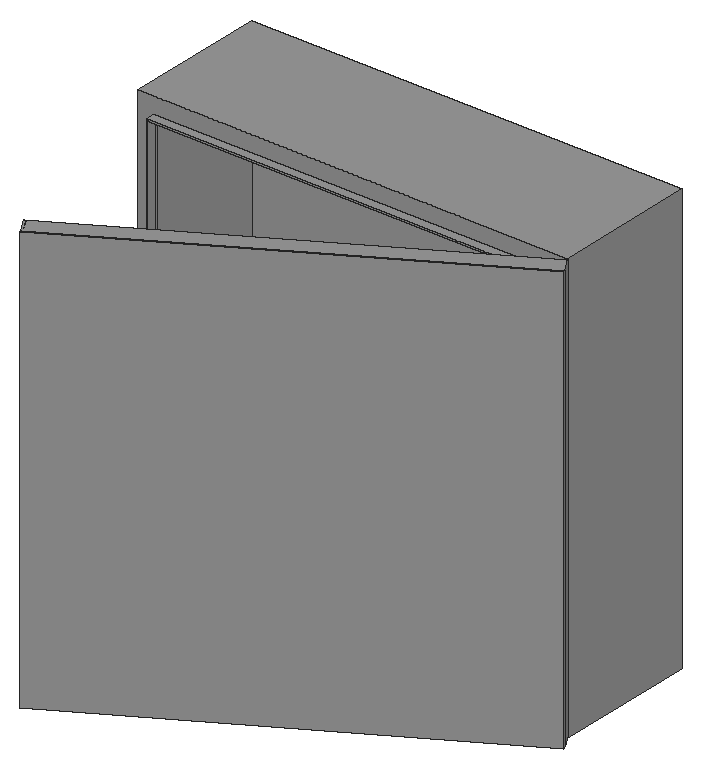
Revit family "Hager-Orion_Inox-IP66-D150-Cl.I-Inox_encl-630A-400mm-NoHosted-CH-en", category Electrical Equipment, Revit 2020
Family settings
  Panel Configuration = Two Columns, Circuits Across
  Round Connector Dimension = Use Diameter
  Part Type = Panelboard
  Work Plane-Based = Yes
  Always vertical = Yes
  Cut with Voids When Loaded = No
  Shared = No
  Room Calculation Point = No
Parameters (values of type "Surface mounted (plaster) IP66 W400 H400 D150  - FL014BWL")
  Width Control [instance] = if([EF000008 - Width] > Min Width, [EF000008 - Width], Min Width)  # 400 mm
  Type Comments = [HG000003 - Range]  # "Orion Inox"
  Thickness Door [instance] = if([EF009171 - Material plate thickness door/cover] > 3 mm, 3 mm, [EF009171 - Material plate thickness door/cover])  # 1.5 mm
  Seal Frame Offset [instance] = 17 mm  # constant formula
  Min Width [instance] = 100 mm  # constant formula
  Min Depth [instance] = (2 * [EF009170 - Material plate thickness cabinet]) + 1 mm  # 4 mm
  Min Height [instance] = 100 mm  # constant formula
  Internal Frame Depth [instance] = -(Door System Depth * 0.5)  # -9 mm
  Panel Name [instance] = ""  # (empty or 0)
  Model = ""
  HG000027 - Plinth height = 0 mm
  HG000026 - Floor standing = no
  HG000024 - Bottom section height = 600 mm
  HG000023 - Double section enclosure = no
  HG000016 - Door 3d visibility [instance] = yes
  HG000015 - Clearance visibility [instance] = no
  HG000014 - Door on the right [instance] = yes
  HG000013 - Door on the left [instance] = not([HG000014 - Door on the right])  # no
  HG000012 - Door swing angle [instance] = 30.00°
  HG000010 - Asymmetric doors = no
  HG000009 - Double swing door = no
  HG000006 - Flush mounted = no
  HG000004 - Manufacturer reference = "FL014BWL"
  HG000003 - Range = "Orion Inox"
  HG000002 - With door or cover = yes
  Frame Offset Bottom [instance] = 10 mm  # constant formula
  Frame Offset [instance] = 15 mm  # constant formula
  EF015940 - Cover with overpressure release = no
  EF011959 - Degree of protection (NEMA) = ""
  EF009554 - Number of openings for flange plates = 0
  EF009212 - Cover model = "EV009916 - With notch"
  EF009171 - Material plate thickness door/cover = 1.5 mm
  EF009170 - Material plate thickness cabinet = 1.5 mm
  EF008873 - Nominal current (In) = 630 A
  EF007800 - Suitable for lightning protection = no
  EF006306 - With lock = no
  EF006244 - Transparent cover/door = no
  EF005474 - Degree of protection (IP) = "EV006422 - IP66"
  EF004464 - Type of door = "EV002646 - Single"
  EF004427 - Number of modules = 0
  EF004293 - Impact strength = "EV008784 - IK10"
  EF003532 - Suitable for outdoor use = yes
  EF002950 - Width in number of modular spacings = 0
  EF001613 - Circuit integrity = ""
  EF001596 - Material housing = "EV000166 - Stainless steel"
  EF001131 - Internal depth = 116 mm
  EF001088 - Extension possible = yes
  EF000437 - Number of conduit inlets = 0
  EF000339 - Type of cover = "EV004216 - Door"
  EF000266 - Number of rows = 0
  EF000218 - Built-in depth = 0 mm
  EF000118 - With mounting plate = no
  EF000116 - RAL-number = ""
  EF000049 - Depth = 150 mm
  EF000040 - Height = 400 mm
  EF000008 - Width = 400 mm
  EF000007 - Colour = "EV000154 - Other"
  EF000003 - Mounting method = "EV000384 - Surface mounted (plaster)"
  Door System Leaf Tolerance [instance] = 1.5 mm  # constant formula
  Door System Depth [instance] = 18 mm  # constant formula
  Description = ""
  Default Elevation = 1219.2 mm
  Connector Offset [instance] = Height Control / 2  # 200 mm
  Manufacturer = "Hager"  # constant formula
  Height Control [instance] = if([EF000040 - Height] > Min Height, [EF000040 - Height], Min Height)  # 400 mm
  Depth Control [instance] = if([EF000049 - Depth] > Min Depth, [EF000049 - Depth], Min Depth)  # 150 mm
Types (4, lengths in mm): name | Width Control | HG000004 - Manufacturer reference | EF009212 - Cover model | EF006306 - With lock | EF006244 - Transparent cover/door | EF004293 - Impact strength | EF001613 - Circuit integrity | EF000008 - Width
  Surface mounted (plaster) IP66 W300 H400 D150  - FL014TW | 300 | "FL014TW" | "EV000116 - Closed" | yes | yes | "EV006814 - IK08" | "EV000494 - None" | 300
  Surface mounted (plaster) IP66 W300 H400 D150  - FL014TWL | 300 | "FL014TWL" | "EV000116 - Closed" | yes | yes | "EV006814 - IK08" | "EV000494 - None" | 300
  Surface mounted (plaster) IP66 W400 H400 D150  - FL014BW | 400 | "FL014BW" | "EV009916 - With notch" | no | no | "EV008784 - IK10" | "" | 400
  Surface mounted (plaster) IP66 W400 H400 D150  - FL014BWL | 400 | "FL014BWL" | "EV009916 - With notch" | no | no | "EV008784 - IK10" | "" | 400
Reference planes
  plane 1 "Center (Front/Back)": y = 0
  plane 2: z = 0
  plane 3 "Center (Left/Right)": x = 0
  plane 4: y = 0
  plane 5: y = 0
  plane 6: z = 0
  plane 7: x = -200
  plane 8: x = 200
  plane 9: x = 198.5
  plane 10: x = -198.5
  plane 11: z = 0
  plane 12: z = 1.5
  plane 13: y = -150
  plane 14: y = -1.5
  plane 15: x = 0
  plane 16: y = -132
  plane 17: y = -148.5
  plane 18: y = -130.5
  plane 19: x = -183.5
  plane 20: x = 183.5
  plane 21: z = 11.5
  plane 22: x = -183
  plane 23: x = 183
  plane 24: z = 0
  plane 25: z = 400
  plane 26: z = 400
  plane 27: z = 383.5
  plane 28: z = 398.5
Forms (mm)
  Extrusion 1, solid, material "Hager_Stainless_Steel", detail levels medium+fine
    sketch origin (-208.679, -4572, 0) x (-1, 0, 0) y (0, -1, 0)
      loop
        line (-8.679, -4440) -> (-408.679, -4440) -> (-408.679, -4572) -> (-8.679, -4572) -> (-8.679, -4440)
    from 0 to 400
  Extrusion 2, void
    sketch origin (-350.771, -150, 1219.2) x (1, 0, 0) y (0, 0, 1)
      loop
        line (152.271, -820.7) -> (152.271, -1217.7) -> (549.271, -1217.7) -> (549.271, -820.7) -> (152.271, -820.7)
    from -19.5 to -148.5
  Extrusion 3, void
    sketch origin (-290.084, -132, 1219.2) x (1, 0, 0) y (0, 0, 1)
      loop
        line (106.584, -1207.7) -> (473.584, -1207.7) -> (473.584, -835.7) -> (106.584, -835.7) -> (106.584, -1207.7)
    from 0 to -1.5
  Extrusion 4, solid, material "Hager_Stainless_Steel", detail levels fine
    sketch origin (-290.084, -132, 1219.2) x (-1, 0, 0) y (0, 0, 1)
      loop
        line (-473.584, -1207.7) -> (-106.584, -1207.7) -> (-106.584, -835.7) -> (-473.584, -835.7) -> (-473.584, -1207.7)
      loop
        line (-475.084, -1209.2) -> (-105.084, -1209.2) -> (-105.084, -834.2) -> (-475.084, -834.2) -> (-475.084, -1209.2)
    from 0 to -9 <- "Internal Frame Depth"
  Extrusion 5, solid, material "Hager_Stainless_Steel", detail levels coarse
    sketch origin (0, 0, 0) x (1, 0, 0) y (0, 1, 0)
      loop
        line (-200, 0) -> (-200, -150) -> (200, -150) -> (200, 0) -> (-200, 0)
    from 0 to 400 <- "Height Control"
Cuts and joins
  Extrusion 2, Extrusion 3 cuts Extrusion 1
Lines and regions (mm)
  Masking region 1
    outline origin (0, 0, 0) x (1, 0, 0) y (0, 1, 0)
      loop
        line (-200, 0) -> (-200, -150) -> (200, -150) -> (200, 0) -> (-200, 0)
  Masking region 2
    outline origin (-290.084, -132, 1219.2) x (-1, 0, 0) y (0, 0, 1)
      loop
        line (-490.084, -1219.2) -> (-90.084, -1219.2) -> (-90.084, -819.2) -> (-490.084, -819.2) -> (-490.084, -1219.2)
  Masking region 3, detail levels coarse
    outline origin (0, 0, 0) x (0, 1, 0) y (0, 0, 1)
      loop
        line (0, 0) -> (0, 400) -> (-150, 400) -> (-150, 0) -> (0, 0)
  Masking region 4, detail levels medium+fine
    outline origin (0, 0, 594.038) x (0, 1, 0) y (0, 0, 1)
      loop
        line (0, -594.038) -> (0, -194.038) -> (-132, -194.038) -> (-132, -594.038) -> (0, -594.038)
Dimensions and locks
  locked: plane 1 "Center (Front/Back)" to plane 5
  "EF009170 - Material plate thickness cabinet": plane 7 to plane 10
  "EF009170 - Material plate thickness cabinet": plane 8 to plane 9
  equal spacing: plane 7, plane 3 "Center (Left/Right)", plane 8
  "Width Control": plane 7 to plane 8
  "Depth Control": plane 4 to plane 13
  "EF009170 - Material plate thickness cabinet": plane 4 to plane 14
  "Height Control": plane 25 to level
  "EF009170 - Material plate thickness cabinet": plane 12 to plane 11
  "EF009170 - Material plate thickness cabinet": plane 17 to plane 13
  "EF009170 - Material plate thickness cabinet": plane 18 to plane 16
  "Frame Offset Bottom": plane 21 to plane 12
  "Frame Offset": plane 10 to plane 19
  "Frame Offset": plane 9 to plane 20
  "Door System Depth": plane 16 to plane 13
  "Seal Frame Offset": plane 7 to plane 22
  "Seal Frame Offset": plane 8 to plane 23
  "EF009170 - Material plate thickness cabinet": plane 26 to plane 28
  "Frame Offset": plane 28 to plane 27
  "Connector Offset": plane 2 to connector elem
  "Thickness Door": cut or joined group of Extrusion 1, Extrusion 2, Extrusion 3 to Extrusion 4 sketch curve
  "Thickness Door": Extrusion 4 sketch curve to plane 19
  "Thickness Door": Extrusion 4 sketch curve to plane 20
  "Thickness Door": Extrusion 4 sketch curve to plane 27
  aligned and locked: plane 12 to Extrusion 2 sketch curve
  aligned and locked: Extrusion 2 sketch curve to plane 9
  aligned and locked: Extrusion 2 sketch curve to plane 10
  aligned and locked: plane 14 to Extrusion 2
  aligned and locked: plane 4 to Extrusion 1 sketch curve
  aligned and locked: plane 8 to Extrusion 1 sketch curve
  aligned and locked: plane 7 to Extrusion 1 sketch curve
  aligned and locked: Extrusion 2 to plane 18
  aligned and locked: plane 19 to Extrusion 3 sketch curve
  aligned and locked: plane 20 to Extrusion 3 sketch curve
  aligned and locked: Extrusion 3 to Extrusion 2
  aligned and locked: Extrusion 3 sketch curve to plane 21
  aligned and locked: plane 3 "Center (Left/Right)" to nested 1
  aligned and locked: Extrusion 1 sketch curve to plane 16
  aligned and locked: Masking region 1 sketch curve to plane 7
  aligned and locked: Masking region 1 sketch curve to plane 5
  aligned and locked: Masking region 1 sketch curve to plane 8
  aligned and locked: Masking region 2 sketch curve to level
  aligned and locked: level to Masking region 3 sketch curve
  aligned and locked: plane 1 "Center (Front/Back)" to Masking region 3 sketch curve
  aligned and locked: plane 13 to Masking region 3 sketch curve
  aligned and locked: Masking region 2 sketch curve to plane 8
  aligned and locked: Masking region 2 sketch curve to plane 7
  aligned and locked: plane 7 to nested 2
  aligned and locked: nested 2 to plane 5
  aligned and locked: plane 5 to Masking region 4 sketch curve
  aligned and locked: plane 26 to Masking region 4 sketch curve
  aligned and locked: Extrusion 5 sketch curve to plane 8
  aligned and locked: Extrusion 5 sketch curve to plane 7
  aligned and locked: Extrusion 5 sketch curve to plane 5
  aligned and locked: plane 27 to Extrusion 3 sketch curve
  aligned and locked: Extrusion 2 sketch curve to plane 28
  aligned and locked: plane 27 to Extrusion 4 sketch curve
  aligned and locked: Extrusion 4 sketch curve to plane 20
  aligned and locked: plane 21 to Extrusion 4 sketch curve
  aligned and locked: Extrusion 4 sketch curve to plane 19
  aligned and locked: Masking region 2 to plane 25
  aligned and locked: Masking region 4 sketch curve to plane 24
  aligned and locked: Masking region 1 to plane 13
  aligned and locked: nested 1 to plane 16
  aligned and locked: Masking region 3 to plane 25
  aligned and locked: Masking region 4 sketch curve to plane 16
  aligned and locked: plane 24 to plane 11
  aligned and locked: plane 26 to plane 25
  aligned and locked: level to plane 24
  aligned and locked: Extrusion 1 to Masking region 3
  aligned and locked: level to nested 1
Automatic sketch dimensions
  Extrusion 5 sketch curve to plane 13 = 0 mm
  plane 27 to Masking region 2 sketch curve = 16.5 mm
  plane 27 to Masking region 3 sketch curve = 16.5 mm
  Masking region 1 sketch curve to plane 13 = 0 mm
  Extrusion 3 sketch curve to plane 21 = 0 mm
  plane 19 to Extrusion 3 sketch curve = 0 mm
  Extrusion 3 sketch curve to plane 20 = 0 mm
Nested families
  nested 1: "EC000058_OrionInox_Door" at (0, -132, 0), Double <- "HG000009 - Double swing door", Transparent <- "EF006244 - Transparent cover/door", Angle <- "HG000012 - Door swing angle", Door_Right <- "HG000014 - Door on the right", Assymetrical <- "HG000010 - Asymmetric doors", Door <- "HG000002 - With door or cover", Width_Ctrl <- "Width Control", 3d_Door <- "HG000016 - Door 3d visibility", Clearance <- "HG000015 - Clearance visibility", Door_Left <- "HG000013 - Door on the left", Width <- "Width Control", Door_Depth <- "Door System Depth", Leaf_Tolerance <- "Door System Leaf Tolerance", Height <- "Height Control", Thickness <- "Thickness Door", type "EC000058_OrionInox_Door", detail levels medium+fine
    with min_wh 4 mm, Width_Ctrl 400 mm, Width 400 mm, Transparent no, Thickness 1.5 mm, Seal_Material Hager_Rubber, Leaf_Width 400 mm, Leaf_Tolerance_External_Sides 0 mm, Leaf_Tolerance 1.5 mm, Leaf_Offset 0 mm, Leaf_Height 397 mm, Leaf_2_Width 400 mm, Leaf_2_Offset 200 mm, Leaf_1_Width 400 mm, Leaf_1_Offset 200 mm, Height_Ctrl 400 mm, Height 400 mm, Glass_Material Hager_Glass, Double_Clearance_Ctrl no, Double no, Door_Right_Ctrl yes, Door_Right yes, Door_Material Hager_Stainless_Steel, Door_Left_Ctrl no, Door_Left no, Door_Depth 18 mm, Door yes, Clearance_Material Hager_Clearance, Clearance_Depth 400 mm, Clearance_Ctrl no, Clearance no, Assymetrical no, Angle 30.00°, 3d_Door yes
  nested 2: "Hager_Enclosure_Symbol" at (-200, 0, 0), Height <- "Depth Control", Width <- "Width Control", type "Hager_Enclosure_Symbol"
    with Width_Ctrl 400 mm, Width 400 mm, Height_Ctrl 150 mm, Height 150 mm, A_Width_Int 9.844 mm, A_Width 118.125 mm, A_Height_Ctrl 131.25 mm, A_Height 131.25 mm
Connectors
  electrical at (0, 0, 200)
    settings: on plane 1 "Center (Front/Back)", index 1, voltage 0 V, apparent load 0 VA, apparent load phase1 0 VA, apparent load phase2 0 VA, apparent load phase3 0 VA, power factor 1, load classification "Other", number of poles 1, system type 30, power factor state 1, is connector primary yes, connector utility no, sub classification motor no, connector description ""
Definition of nested family "EC000058_OrionInox_Door"
  Parameters (values of type "EC000058_OrionInox_Door")
    min_wh [instance] = (2 * Thickness) + 1 mm  # 11 mm
    Width_Ctrl [instance] = 400 mm
    Width [instance] = 500 mm
    Transparent [instance] = yes
    Thickness [instance] = 5 mm
    Seal_Material [instance] = none
    Leaf_Width [instance] = if((Width_Ctrl - 2 * Leaf_Tolerance_External_Sides) > 0 mm, (Width_Ctrl - 2 * Leaf_Tolerance_External_Sides), min_wh)  # 400 mm
    Leaf_Tolerance_External_Sides [instance] = 0 mm  # constant formula
    Leaf_Tolerance [instance] = 1.5 mm
    Leaf_Offset [instance] = 0 mm  # constant formula
    Leaf_Height [instance] = if((Height_Ctrl - 2 * Leaf_Tolerance) > 0 mm, (Height_Ctrl - 2 * Leaf_Tolerance), min_wh)  # 497 mm
    Leaf_2_Width [instance] = if(and(and(Double, Assymetrical), Door_Left), (Leaf_Width / 3) - (Leaf_Tolerance / 2), if(and(and(Double, Assymetrical), Door_Right), (Leaf_Width / 3) * 2 - (Leaf_Tolerance / 2), if(and(Double, not(Assymetrical)), (Leaf_Width / 2) - Leaf_Tolerance, Leaf_Width)))  # 400 mm
    Leaf_2_Offset [instance] = if(and(Double, Assymetrical), Leaf_2_Width / 2, if(and(Double, not(Assymetrical)), Leaf_Width / 4, Leaf_Width / 2))  # 200 mm
    Leaf_1_Width [instance] = if(and(and(Double, Assymetrical), Door_Right), (Leaf_Width / 3) - (Leaf_Tolerance / 2), if(and(and(Double, Assymetrical), Door_Left), (Width / 3) * 2 - (Leaf_Tolerance / 2), if(and(Double, not(Assymetrical)), (Leaf_Width / 2) - Leaf_Tolerance, Leaf_Width)))  # 400 mm
    Leaf_1_Offset [instance] = if(and(Double, Assymetrical), Leaf_1_Width / 2, if(and(Double, not(Assymetrical)), Leaf_Width / 4, Leaf_Width / 2))  # 200 mm
    Height_Ctrl [instance] = if(Height > min_wh, Height, min_wh)  # 500 mm
    Height [instance] = 500 mm
    Glass_Material [instance] = none
    Double_Clearance_Ctrl [instance] = and(Double, Clearance)  # no
    Double [instance] = no
    Door_Right_Ctrl [instance] = and(or(Door_Right, Double), Door)  # yes
    Door_Right [instance] = yes
    Door_Material [instance] = none
    Door_Left_Ctrl [instance] = and(or(Door_Left, Double), Door)  # no
    Door_Left [instance] = no
    Door_Depth [instance] = 30 mm
    Door [instance] = yes
    Default Elevation = 1219.2 mm
    Clearance_Material [instance] = none
    Clearance_Depth [instance] = if(Leaf_1_Width > Leaf_2_Width, Leaf_1_Width, Leaf_2_Width)  # 400 mm
    Clearance_Ctrl [instance] = and(not(Double), Clearance)  # yes
    Clearance [instance] = yes
    Assymetrical [instance] = yes
    Angle [instance] = 30.00°
    3d_Door [instance] = yes
  Reference planes
    plane 1 "Center (Front/Back)": y = 0
    plane 2 "Bottom": z = 0
    plane 3 "Center (Left/Right)": x = 0
    plane 4: z = 500
    plane 5: x = -200
    plane 6: x = 200
    plane 7: z = 500
    plane 8: x = -200
    plane 9: z = 0
    plane 10: x = 200
    plane 11: y = 0
    plane 12: z = 1.5
    plane 13: x = -600
    plane 14: y = -400
    plane 15: x = 600
    plane 16: x = 0
    plane 17: x = 0
    plane 18: x = -200
    plane 19: x = 200
    plane 20: z = 498.5
  Forms (mm)
    Extrusion 1, solid, material <- "Clearance_Material", visible <- "Double_Clearance_Ctrl"
      sketch origin (1200, 0, 0) x (1, 0, 0) y (0, 0, -1)
        loop
          line (-1800, -498.5) -> (-600, -498.5) -> (-600, 0) -> (-1800, 0) -> (-1800, -498.5)
      from 0 to -400
  Dimensions and locks
    equal spacing: plane 5, plane 3 "Center (Left/Right)", plane 6
    "Width_Ctrl": plane 5 to plane 6
    "Leaf_Offset": plane 5 to plane 8
    "Leaf_Offset": plane 6 to plane 10
    "Leaf_Offset": plane 9 to level
    "Leaf_Offset": plane 4 to plane 7
    "Height_Ctrl": plane 4 to level
    "Leaf_Tolerance": plane 12 to plane 9
    locked: plane 11 to plane 1 "Center (Front/Back)"
    "Leaf_1_Offset": plane 18 to plane 16
    "Leaf_2_Offset": plane 17 to plane 19
    "Leaf_1_Width": plane 13 to plane 8
    "Leaf_2_Width": plane 10 to plane 15
    "Clearance_Depth": plane 14 to plane 1 "Center (Front/Back)"
    "Leaf_Tolerance_External_Sides": plane 8 to plane 18
    "Leaf_Tolerance_External_Sides": plane 19 to plane 10
    "Leaf_Tolerance": plane 7 to plane 20
    aligned and locked: level to plane 2 "Bottom"
    aligned and locked: nested 1 to plane 16
    aligned and locked: nested 2 to plane 17
    aligned and locked: Extrusion 1 to plane 13
    aligned and locked: plane 15 to Extrusion 1
    aligned and locked: Extrusion 1 to plane 14
    aligned and locked: plane 12 to nested 1
    aligned and locked: nested 2 to plane 12
    aligned and locked: Extrusion 1 to plane 11
    aligned and locked: plane 20 to Extrusion 1
    aligned and locked: nested 2 to plane 11
    aligned and locked: nested 1 to plane 11
  Automatic sketch dimensions
    Extrusion 1 sketch curve to level = 0 mm
    plane 5 to Extrusion 1 sketch curve = 400 mm
    plane 6 to Extrusion 1 sketch curve = 400 mm
    Extrusion 1 sketch curve to plane 4 = 1.5 mm
  Nested families
    nested 1: "EC000058_OrionInox_Door_Leaf" at (0, 0, 1.5), Width <- "Leaf_1_Width", visible <- "Door_Left_Ctrl", Leaf_Height <- "Leaf_Height", Angle <- "Angle", 3d_Door <- "3d_Door", Transparent <- "Transparent", Clearance Material <- "Clearance_Material", Clearance <- "Clearance_Ctrl", Door_Material <- "Door_Material", Glass_Material <- "Glass_Material", Door_Depth <- "Door_Depth", Seal_Material <- "Seal_Material", Thickness <- "Thickness", type "EC000058_OrionInox_Door_Leaf"
      with Width 400 mm, Transparent_Ctrl yes, Transparent yes, Thickness 5 mm, Standard no, Seal_Material none, Seal_D2 8 mm, Seal_D1 1 mm, Offset_Internal_Frame 10 mm, Lock_Width 28 mm, Lock_Thickness 2 mm, Lock_Radius 6 mm, Leaf_Height 497 mm, Internal_Seal_Thickness 8 mm, Internal_Seal_Depth_2 4.5 mm, Internal_Frame_Depth 25 mm, Glass_Thickness -1 mm, Glass_Offset -2 mm, Glass_Material none, Door_Material none, Door_Depth 30 mm, Clearance Material none, Clearance yes, Angle_Ctrl 30.00°, Angle 30.00°, 3d_Door yes
    nested 2: "EC000058_OrionInox_Door_Leaf" at (0, 0, 1.5) x (-1, 0, 0) z (0, 0, 1), Width <- "Leaf_2_Width", visible <- "Door_Right_Ctrl", Leaf_Height <- "Leaf_Height", Angle <- "Angle", 3d_Door <- "3d_Door", Transparent <- "Transparent", Clearance Material <- "Clearance_Material", Clearance <- "Clearance_Ctrl", Door_Material <- "Door_Material", Glass_Material <- "Glass_Material", Door_Depth <- "Door_Depth", Seal_Material <- "Seal_Material", Thickness <- "Thickness", type "EC000058_OrionInox_Door_Leaf"
      with Width 400 mm, Transparent_Ctrl yes, Transparent yes, Thickness 5 mm, Standard no, Seal_Material none, Seal_D2 8 mm, Seal_D1 1 mm, Offset_Internal_Frame 10 mm, Lock_Width 28 mm, Lock_Thickness 2 mm, Lock_Radius 6 mm, Leaf_Height 497 mm, Internal_Seal_Thickness 8 mm, Internal_Seal_Depth_2 4.5 mm, Internal_Frame_Depth 25 mm, Glass_Thickness -1 mm, Glass_Offset -2 mm, Glass_Material none, Door_Material none, Door_Depth 30 mm, Clearance Material none, Clearance yes, Angle_Ctrl 30.00°, Angle 30.00°, 3d_Door yes
  Definition of nested family "EC000058_OrionInox_Door_Leaf"
    Parameters (values of type "EC000058_OrionInox_Door_Leaf")
      Width [instance] = 450 mm
      Transparent_Ctrl [instance] = and(Transparent, [3d_Door])  # yes
      Transparent [instance] = yes
      Thickness [instance] = 5 mm
      Standard [instance] = and(not(Transparent), [3d_Door])  # no
      Seal_Material [instance] = none
      Seal_D2 [instance] = 8 mm  # constant formula
      Seal_D1 [instance] = 1 mm  # constant formula
      Offset_Internal_Frame [instance] = 10 mm  # constant formula
      Lock_Width [instance] = Door_Depth - Lock_Thickness  # 28 mm
      Lock_Thickness [instance] = 2 mm  # constant formula
      Lock_Radius [instance] = 6 mm  # constant formula
      Leaf_Height [instance] = 450 mm
      Internal_Seal_Thickness [instance] = 8 mm  # constant formula
      Internal_Seal_Depth_2 [instance] = 4.5 mm  # constant formula
      Internal_Frame_Depth [instance] = if(Door_Depth - Thickness > 5 mm, Door_Depth - Thickness, 5 mm)  # 25 mm
      Glass_Thickness [instance] = if(Thickness > 15 mm, Glass_Offset + 10 mm, -1 mm)  # -1 mm
      Glass_Offset [instance] = if(Thickness > 15 mm, -(Thickness + 10 mm) / 2, -2 mm)  # -2 mm
      Glass_Material [instance] = none
      Door_Material [instance] = none
      Door_Depth [instance] = 30 mm
      Default Elevation = 0 mm
      Clearance Material [instance] = none
      Clearance [instance] = yes
      Angle_Ctrl [instance] = if(Angle > 180.00°, 180.00°, Angle)  # 90.00°
      Angle [instance] = 90.00°
      3d_Door [instance] = yes
    Reference planes
      plane 1 "Center (Front/Back)": y = 0
      plane 2: z = 0
      plane 3 "Center (Left/Right)": x = 0
      plane 4: y = 450
      plane 5: x = -225
      plane 6: x = 225
      plane 7: x = -675
      plane 8: z = 450
      plane 9: z = 30
      plane 10: z = 420
      plane 11: x = 195
      plane 12: x = -195
      plane 13: y = -3
      plane 14: z = 107.833
      plane 15: y = -5
      plane 16: y = -223.314
      plane 17: x = -225
      plane 18: y = 30
    Forms (mm)
      Extrusion 1, solid, material <- "Clearance Material", visible <- "Clearance"
        sketch origin (0, 0, 0) x (1, 0, 0) y (0, 0, 1)
          loop
            line (-675, 450) -> (-675, 0) -> (225, 0) -> (225, 450) -> (-675, 450)
        from 0 to -450
      Extrusion 2, solid, material <- "Door_Material", visible <- "Standard", detail levels medium+fine
        sketch origin (-225, 0, 0) x (0, 1, 0) y (-1, 0, 0)
          loop
            line (0, 30) -> (0, 25) -> (450, 25) -> (450, 30) -> (0, 30)
        from 0 to 450 <- "Leaf_Height"
      Extrusion 3, solid, material <- "Door_Material", visible <- "Transparent_Ctrl", detail levels medium+fine
        sketch origin (-225, 0, 0) x (0, 1, 0) y (-1, 0, 0)
          loop
            line (0, 25) -> (450, 25) -> (450, 30) -> (0, 30) -> (0, 25)
        from 0 to 450 <- "Leaf_Height"
      Extrusion 4, void
        sketch origin (-250, 450, 0) x (0, 1, 0) y (0, 0, -1)
          loop
            line (-30, -420) -> (-30, -30) -> (-420, -30) -> (-420, -420) -> (-30, -420)
        from 0 to 5 <- "Thickness"
      Sweep 5, solid, material <- "Seal_Material", visible <- "Transparent_Ctrl", detail levels fine
        path in 3D
          loop
            line (-250, 30, 30) -> (-250, 30, 420) -> (-250, 420, 420) -> (-250, 420, 30) -> (-250, 30, 30)
        profile origin (-250, 225, 30) x (1, 0, 0) y (0, 0, 1)
          loop
            line (0, 0) -> (0, -8) -> (1, -8) -> (1, 0) -> (0, 0)
      Extrusion 6, solid, material <- "Glass_Material", visible <- "Transparent_Ctrl", detail levels medium+fine
        sketch origin (-255, 0, 0) x (0, 1, 0) y (0, 0, -1)
          loop
            line (420, -420) -> (420, -30) -> (30, -30) -> (30, -420) -> (420, -420)
        from -2 <- "Glass_Offset" to -1 <- "Glass_Thickness"
      Extrusion 7, solid, material <- "Door_Material", visible <- "3d_Door", detail levels medium+fine
        sketch origin (-250, 450, 0) x (0, -1, 0) y (0, 0, -1)
          loop
            line (0, -450) -> (450, -450) -> (450, 0) -> (0, 0) -> (0, -450)
          loop
            line (445, -5) -> (5, -5) -> (5, -445) -> (445, -445) -> (445, -5)
        from 0 to 25 <- "Internal_Frame_Depth"
      Sweep 8, solid, material <- "Seal_Material", visible <- "Transparent_Ctrl", detail levels fine
        path in 3D
          loop
            line (-250, 0, 0) -> (-250, 450, 0) -> (-250, 450, 450) -> (-250, 0, 450) -> (-250, 0, 0)
        profile origin (-250, 0, 225) x (1, 0, 0) y (0, 1, 0)
          loop
            line (0, 10) -> (2.975, 10)
            arc (2.975, 10) -> (4.053, 10.447) -> (4.5, 11.525) r 1.525
            line (4.5, 11.525) -> (4.5, 16.527)
            arc (4.5, 16.527) -> (4.069, 17.569) -> (3.027, 18) r 1.473
            line (3.027, 18) -> (0, 18) -> (0, 10)
    Cuts and joins
      Extrusion 4 cuts Extrusion 3
    Lines and regions (mm)
      Masking region 1, detail levels medium+fine
        outline origin (0, 0, 0) x (0, 1, 0) y (0, 0, 1)
          loop
            line (0, 0) -> (30, 0) -> (30, 450) -> (0, 450) -> (0, 0)
      Masking region 2, detail levels medium+fine
        outline origin (0, 0, 0) x (1, 0, 0) y (0, 0, 1)
          loop
            line (-225, 450) -> (-225, 0) -> (225, 0) -> (225, 450) -> (-225, 450)
      symbolic lines
        curve 1: line (225, 0, 0) -> (-675, 0, 0)
        curve 2: arc (225, 0, 0) -> (-225, 450, 0) -> (-675, 0, 0) r 450
        curve 4: line (-255, 0, 0) -> (-255, 450, 0)
      reference lines
        curve 3: line (-225, 0, 0) -> (-225, 450, 0)
      symbolic lines, detail levels medium+fine
        curve 5: line (-255, 450, 0) -> (-250, 450, 0)
        curve 7: line (-250, 0, 0) -> (-255, 0, 0)
        curve 8: line (-250, 0, 0) -> (-225, 0, 0)
        curve 9: line (-225, 0, 0) -> (-225, 450, 0)
        curve 10: line (-225, 450, 0) -> (-250, 450, 0)
      symbolic lines, detail levels fine
        curve 6: line (-250, 450, 0) -> (-250, 0, 0)
      sketch lines
        curve 11: line (-250, 0, 450) -> (-250, 0, 0)
        curve 12: line (-250, 450, 0) -> (-250, 0, 0)
        curve 13: line (-250, 450, 450) -> (-250, 450, 0)
        curve 14: line (-250, 0, 450) -> (-250, 450, 450)
        curve 15: line (-250, 420, 30) -> (-250, 30, 30)
        curve 16: line (-250, 30, 30) -> (-250, 30, 420)
        curve 17: line (-250, 420, 420) -> (-250, 420, 30)
        curve 18: line (-250, 30, 420) -> (-250, 420, 420)
      symbolic lines, visible <- "Transparent", detail levels medium+fine
        curve 19: line (-195, 0, 420) -> (195, 0, 420)
        curve 20: line (-195, 0, 30) -> (-195, 0, 420)
        curve 21: line (195, 0, 30) -> (-195, 0, 30)
        curve 22: line (195, 0, 420) -> (195, 0, 30)
    Dimensions and locks
      "Width": plane 1 "Center (Front/Back)" to plane 4
      equal spacing: plane 5, plane 3 "Center (Left/Right)", plane 6
      "Width": plane 5 to plane 6
      "Width": plane 7 to plane 5
      "Leaf_Height": plane 8 to level
      "Width": curve 5 to curve 3
      "Width": curve 3 to curve 3
      plane 8 to plane 10 = 30 mm
      plane 9 to level = 30 mm
      plane 12 to plane 5 = 30 mm
      plane 6 to plane 11 = 30 mm
      Extrusion 4 sketch curve to Extrusion 3 = 30 mm
      Extrusion 3 to Extrusion 4 sketch curve = 30 mm
      Extrusion 1 to Extrusion 4 sketch curve = 30 mm
      curve 3 to Extrusion 4 sketch curve = 30 mm
      Extrusion 4 sketch curve to cut or joined group of Extrusion 3, Extrusion 4 = 30 mm
      cut or joined group of Extrusion 3, Extrusion 4 to Extrusion 6 sketch curve = 30 mm
      cut or joined group of Extrusion 3, Extrusion 4 to Extrusion 4 sketch curve = 30 mm
      "Thickness": curve 6 to curve 4
      "Thickness": Extrusion 7 sketch curve to Extrusion 7 sketch curve  (x4)
      "Door_Depth": curve 4 to curve 3
      "Offset_Internal_Frame": profile plane to Sweep 8 sketch curve
      "Internal_Seal_Thickness": Sweep 8 sketch curve to Sweep 8 sketch curve
      "Internal_Seal_Depth_2": profile plane to Sweep 8 sketch curve
      "Seal_D1": profile plane to Sweep 5 sketch curve
      "Seal_D2": profile plane to Sweep 5 sketch curve
      "Thickness": Extrusion 2 sketch curve to Extrusion 2 sketch curve
      "Door_Depth": plane 18 to plane 1 "Center (Front/Back)"
      radius of Sweep 8 sketch curve = 1.525 mm
      radius of Sweep 8 sketch curve = 1.473 mm
      "Angle_Ctrl": angle plane 1 "Center (Front/Back)" to curve 3
      aligned and locked: level to plane 2
      aligned and locked: Extrusion 1 to curve 1
      aligned and locked: plane 6 to Extrusion 1
      aligned and locked: plane 1 "Center (Front/Back)" to Extrusion 1
      aligned and locked: plane 4 to Extrusion 1
      aligned and locked: plane 8 to Extrusion 1
      aligned and locked: curve 7 to Extrusion 2 sketch curve
      aligned and locked: curve 5 to Extrusion 2 sketch curve
      aligned and locked: curve 7 to Extrusion 3 sketch curve
      aligned and locked: Extrusion 3 sketch curve to curve 4
      aligned and locked: Extrusion 3 sketch curve to curve 6
      aligned and locked: Extrusion 3 sketch curve to curve 5
      aligned and locked: curve 9 to curve 3
      aligned and locked: Extrusion 7 sketch curve to cut or joined group of Extrusion 3, Extrusion 4  (x4)
      aligned and locked: plane 17 to curve 3
      aligned and locked: plane 1 "Center (Front/Back)" to curve 3
      aligned and locked: plane 17 to plane 5
      aligned and locked: Sweep 8 sketch curve to profile plane
      aligned and locked: Sweep 5 sketch curve to profile plane  (x2)
      aligned and locked: plane 1 "Center (Front/Back)" to Masking region 1 sketch curve
      aligned and locked: plane 18 to Masking region 1 sketch curve
      aligned and locked: level to Masking region 1 sketch curve
      aligned and locked: Masking region 1 sketch curve to plane 8
      aligned and locked: plane 17 to Masking region 2 sketch curve
      aligned and locked: level to Masking region 2 sketch curve
      aligned and locked: Masking region 2 sketch curve to plane 8
      aligned and locked: plane 12 to curve 20
      aligned and locked: plane 10 to curve 19
      aligned and locked: plane 11 to curve 22
      aligned and locked: plane 9 to curve 21
      aligned and locked: Extrusion 2 sketch curve to cut or joined group of Extrusion 3, Extrusion 4
    Automatic sketch dimensions
      plane 1 "Center (Front/Back)" to curve 2 = 0 mm
      curve 2 to plane 5 = 0 mm
      Extrusion 1 sketch curve to level = 0 mm
      Extrusion 1 sketch curve to plane 7 = 0 mm
      Extrusion 1 sketch curve to plane 6 = 0 mm
      Extrusion 1 sketch curve to plane 8 = 0 mm
      Extrusion 3 to Extrusion 6 sketch curve = 30 mm  (x4)
      Masking region 2 sketch curve to plane 6 = 0 mm
      curve 4 to curve 3 = 0 mm
Definition of nested family "Hager_Enclosure_Symbol"
  Parameters (values of type "Hager_Enclosure_Symbol")
    Width_Ctrl [instance] = if(Width > 1 mm, Width, 1 mm)  # 102.27 mm
    Width [instance] = 102.27 mm
    Height_Ctrl [instance] = if(Height > 1 mm, Height, 1 mm)  # 66.5 mm
    A_Width_Int [instance] = if(A_Width / 12 > 2 mm, A_Width / 12, 2 mm)  # 4.364 mm
    A_Width [instance] = if(A_Height_Ctrl * 0.9 > 2 mm, A_Height_Ctrl * 0.9, 2 mm)  # 52.369 mm
    A_Height_Ctrl [instance] = if(A_Height > 2 mm, A_Height, 2 mm)  # 58.188 mm
    Height [instance] = 66.5 mm
    A_Height [instance] = Height - (Height / 8)  # 58.188 mm
  Reference planes
    plane 1 "Centre (avant/arrière)": y = 0
    plane 2: z = 0
    plane 3 "Centre (gauche/droite)": x = 0
    plane 4: x = 52.369
    plane 5: y = 33.042
    plane 6: y = 41.77
    plane 7: y = 66.5
    plane 8: x = 26.184
    plane 9: y = 37.406
    plane 10: x = 102.27
    plane 11: y = 66.5
    plane 12: y = 8.313
  Lines and regions (mm)
    Filled region 1, type "Solid_Black", in view "Niveau de réf."
      outline origin (0, 0, 0) x (1, 0, 0) y (0, 1, 0)
        loop
          line (52.369, 66.5) -> (33.188, 54.536) -> (45.365, 45.006) -> (52.369, 66.5)
    Filled region 2, type "Solid_Black", in view "Niveau de réf."
      outline origin (0, 0, 0) x (1, 0, 0) y (0, 1, 0)
        loop
          line (0, 0) -> (102.27, 0) -> (102.27, 66.5) -> (0, 0)
    detail lines, in view "Niveau de réf."
      curve 1: line (0, 8.313, 0) -> (26.184, 41.77, 0)
      curve 2: line (26.184, 41.77, 0) -> (26.184, 33.042, 0)
      curve 3: line (26.184, 33.042, 0) -> (52.369, 66.5, 0)
  Dimensions and locks
    "A_Width": plane 3 "Centre (gauche/droite)" to plane 4
    equal spacing: plane 3 "Centre (gauche/droite)", plane 8, plane 4
    equal spacing: plane 6, plane 9, plane 5
    equal spacing: curve 3, Filled region 1 sketch curve, Filled region 1 sketch curve
    "Height_Ctrl": plane 1 "Centre (avant/arrière)" to plane 11
    "A_Height_Ctrl": plane 11 to plane 12
    equal spacing: plane 11, plane 9, plane 12
    "A_Width_Int": plane 6 to plane 9
    "Width_Ctrl": plane 3 "Centre (gauche/droite)" to plane 10
    angle Filled region 1 sketch curve to curve 3 = 20.00°
    angle curve 3 to Filled region 1 sketch curve = 20.00°
    locked: curve 3 to Filled region 1 sketch curve (angle 90.00°)
    aligned and locked: plane 10 to Filled region 2
    aligned and locked: plane 11 to Filled region 2 sketch curve
    aligned and locked: plane 10 to Filled region 2 sketch curve
    aligned and locked: plane 3 "Centre (gauche/droite)" to curve 1
    aligned and locked: plane 12 to curve 1
    aligned and locked: plane 7 to plane 11
  Automatic sketch dimensions
    Filled region 1 sketch curve to plane 4 = 0 mm
    Filled region 1 sketch curve to plane 7 = 0 mm
    plane 1 "Centre (avant/arrière)" to Filled region 2 sketch curve = 0 mm
    Filled region 2 sketch curve to plane 3 "Centre (gauche/droite)" = 0 mm
    curve 2 to plane 6 = 0 mm
    curve 2 to plane 8 = 0 mm
    curve 3 to plane 4 = 0 mm
    curve 2 to plane 5 = 0 mm
    curve 3 to plane 7 = 0 mm
